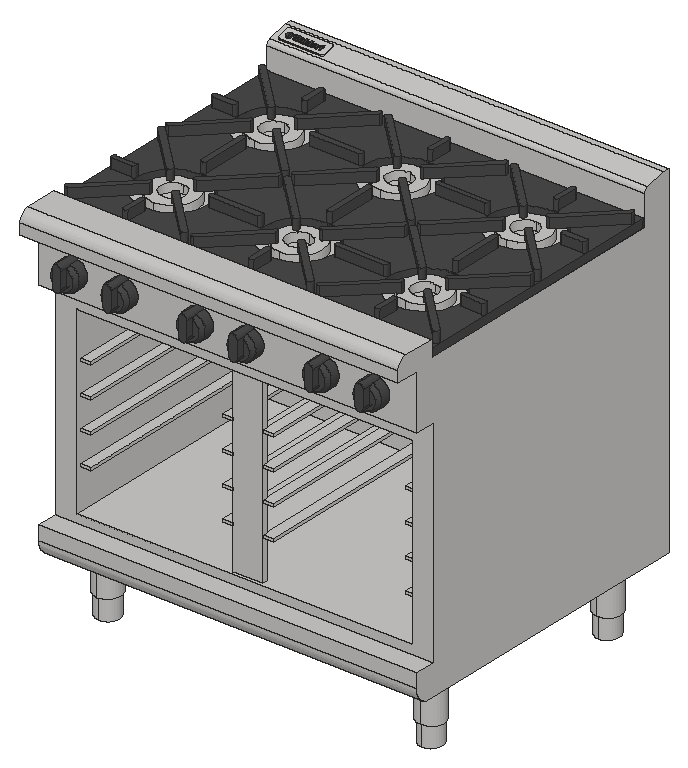
Revit family "QF_MOFFAT WALDORF_RNL8600G-CB", category Specialty Equipment, Revit 2012 (continued)
Automatic sketch dimensions
  Revolve 16 sketch curve to Revolve 16 sketch curve = 55.0 mm
  Revolve 16 sketch curve to Revolve 16 sketch curve = 0.0 mm
  Revolve 17 sketch curve to plane 9 "Base Height" = 0.0 mm
  Revolve 17 sketch curve to level = 0.0 mm
  level to Revolve 17 sketch curve = 50.0 mm
  Revolve 17 sketch curve to plane 5 "FRONT" = 148.25 mm
  Revolve 17 sketch curve to Revolve 17 sketch curve = 4.25 mm
  Revolve 17 sketch curve to Revolve 17 sketch curve = 27.5 mm  (x2)
  Revolve 17 sketch curve to Revolve 17 sketch curve = 55.0 mm
  Revolve 17 sketch curve to Revolve 17 sketch curve = 0.0 mm
  Revolve 18 sketch curve to plane 9 "Base Height" = 0.0 mm
  Revolve 18 sketch curve to level = 0.0 mm
  level to Revolve 18 sketch curve = 50.0 mm
  plane 1 "BACK" to Revolve 18 sketch curve = 131.75 mm
  Revolve 18 sketch curve to Revolve 18 sketch curve = 4.25 mm
  Revolve 18 sketch curve to Revolve 18 sketch curve = 27.5 mm  (x2)
  Revolve 18 sketch curve to Revolve 18 sketch curve = 0.0 mm
  Revolve 18 sketch curve to Revolve 18 sketch curve = 55.0 mm
  Revolve 19 sketch curve to plane 9 "Base Height" = 0.0 mm
  Revolve 19 sketch curve to level = 0.0 mm
  level to Revolve 19 sketch curve = 50.0 mm
  Revolve 19 sketch curve to plane 5 "FRONT" = 148.25 mm
  Revolve 19 sketch curve to Revolve 19 sketch curve = 4.25 mm
  Revolve 19 sketch curve to Revolve 19 sketch curve = 27.5 mm  (x2)
  Revolve 19 sketch curve to Revolve 19 sketch curve = 0.0 mm
  Revolve 19 sketch curve to Revolve 19 sketch curve = 55.0 mm
  curve 11 to curve 13 = 0.0 mm  (x2)
  curve 15 to curve 17 = 0.0 mm  (x2)
  curve 19 to curve 21 = 0.0 mm  (x2)
  curve 23 to curve 33 = 0.0 mm  (x2)
  curve 25 to curve 31 = 0.0 mm  (x2)
  curve 27 to curve 29 = 0.0 mm  (x2)
  curve 5 to plane 3 "LEFT" = 0.0 mm
  curve 18 to plane 7 "Center Y" = 0.0 mm
  curve 25 to plane 7 "Center Y" = 0.0 mm
  curve 43 to plane 4 "RIGHT" = 0.0 mm
  plane 5 "FRONT" to curve 4 = 0.0 mm
  plane 1 "BACK" to curve 2 = 0.0 mm
  plane 3 "LEFT" to curve 41 = 4.324 mm
  plane 3 "LEFT" to curve 51 = 4.324 mm
  plane 3 "LEFT" to curve 40 = 5.355 mm
  plane 3 "LEFT" to curve 50 = 5.355 mm
  plane 3 "LEFT" to curve 46 = 6.975 mm
  plane 3 "LEFT" to curve 35 = 6.975 mm
  plane 3 "LEFT" to curve 7 = 12.5 mm
  curve 41 to plane 12 = 2.119 mm
  curve 51 to plane 12 = 2.119 mm
  plane 12 to curve 35 = 55.112 mm
  plane 12 to curve 46 = 55.112 mm
  plane 12 to curve 10 = 56.5 mm
  plane 12 to curve 40 = 57.028 mm
  plane 12 to curve 50 = 57.028 mm
  curve 35 to curve 36 = 29.487 mm
  plane 12 to curve 52 = 84.917 mm
  curve 50 to curve 42 = 27.946 mm
  curve 42 to curve 12 = 0.026 mm
  curve 42 to curve 24 = 0.026 mm
  curve 11 to curve 39 = 27.699 mm
  curve 23 to curve 49 = 27.699 mm
  curve 14 to curve 37 = 29.616 mm
  curve 33 to curve 47 = 29.616 mm
  curve 49 to curve 48 = 59.913 mm
  curve 39 to curve 38 = 59.913 mm
  plane 8 "Center X" to curve 39 = 24.085 mm
  curve 38 to curve 39 = 53.224 mm
  plane 8 "Center X" to curve 49 = 5.915 mm
  curve 49 to curve 39 = 0.0 mm
  curve 52 to curve 47 = 142.835 mm
  curve 37 to curve 55 = 14.314 mm
  curve 47 to curve 61 = 14.314 mm
  plane 8 "Center X" to curve 56 = 24.085 mm
  curve 39 to curve 56 = 18.147 mm
  plane 8 "Center X" to curve 62 = 5.915 mm
  curve 49 to curve 62 = 18.147 mm
  curve 38 to plane 7 "Center Y" = 87.388 mm
  curve 48 to plane 7 "Center Y" = 87.388 mm
  curve 55 to plane 7 "Center Y" = 29.796 mm
  curve 61 to plane 7 "Center Y" = 29.796 mm
  curve 62 to plane 7 "Center Y" = 27.88 mm
  curve 56 to plane 7 "Center Y" = 27.88 mm
  curve 59 to plane 7 "Center Y" = 0.154 mm
  curve 65 to plane 7 "Center Y" = 0.098 mm
  plane 7 "Center Y" to curve 54 = 0.221 mm
  plane 7 "Center Y" to curve 63 = 27.791 mm
  plane 7 "Center Y" to curve 57 = 27.791 mm
  plane 7 "Center Y" to curve 53 = 29.708 mm
  plane 7 "Center Y" to curve 60 = 29.708 mm
  curve 53 to curve 58 = 62.23 mm
  curve 60 to curve 64 = 62.23 mm
  plane 7 "Center Y" to curve 60 = 142.845 mm
  plane 8 "Center X" to curve 57 = 20.549 mm
  plane 7 "Center Y" to curve 57 = 144.464 mm
  plane 8 "Center X" to curve 63 = 9.451 mm
  curve 63 to curve 57 = 0.0 mm
  curve 58 to curve 58 = 116.17 mm
  curve 64 to curve 64 = 116.17 mm
  curve 58 to curve 71 = 178.798 mm
  curve 64 to curve 77 = 178.798 mm
  plane 8 "Center X" to curve 76 = 9.451 mm
  curve 63 to curve 76 = 11.072 mm
  plane 8 "Center X" to curve 70 = 20.549 mm
  curve 57 to curve 70 = 11.072 mm
  curve 53 to curve 66 = 14.31 mm
  curve 60 to curve 73 = 14.31 mm
  curve 71 to curve 71 = 58.558 mm
  curve 77 to curve 77 = 58.558 mm
  curve 66 to curve 71 = 175.172 mm
  curve 73 to curve 77 = 175.172 mm
  curve 66 to curve 70 = 1.916 mm
  curve 73 to curve 76 = 1.916 mm
  curve 70 to curve 19 = 27.791 mm
  curve 73 to curve 30 = 29.708 mm
  curve 28 to curve 78 = 0.098 mm
  curve 20 to curve 72 = 0.154 mm
  curve 27 to curve 75 = 27.88 mm
  curve 19 to curve 69 = 27.88 mm
  curve 30 to curve 74 = 29.796 mm
  curve 21 to curve 68 = 29.796 mm
  plane 4 "RIGHT" to curve 69 = 8.983 mm
  plane 4 "RIGHT" to curve 75 = 8.983 mm
  plane 4 "RIGHT" to curve 68 = 7.067 mm
  plane 4 "RIGHT" to curve 74 = 7.067 mm
  curve 5 to plane 5 "FRONT" = 100.0 mm
  curve 52 to plane 5 "FRONT" = 121.703 mm
  curve 78 to plane 5 "FRONT" = 121.703 mm
  curve 65 to plane 5 "FRONT" = 121.703 mm
  curve 44 to curve 61 = 24.023 mm
  curve 47 to curve 61 = 0.0 mm
  curve 5 to curve 74 = 24.023 mm
  curve 45 to curve 60 = 25.084 mm
  curve 60 to curve 73 = 0.0 mm
  curve 5 to curve 46 = 25.084 mm
  curve 78 to curve 78 = 58.757 mm
  curve 52 to curve 52 = 58.757 mm
  curve 65 to curve 65 = 58.757 mm
  curve 52 to curve 23 = 2.958 mm
  curve 65 to curve 25 = 2.958 mm
  curve 78 to curve 27 = 2.958 mm
  curve 23 to curve 33 = 27.082 mm
  curve 27 to curve 30 = 27.082 mm
  curve 25 to curve 31 = 27.082 mm
  curve 33 to curve 47 = 26.66 mm
  curve 32 to curve 61 = 26.66 mm
  curve 30 to curve 74 = 26.66 mm
  curve 31 to curve 60 = 27.721 mm
  curve 29 to curve 73 = 27.721 mm
  curve 34 to curve 46 = 27.721 mm
  curve 60 to curve 64 = 28.957 mm
  curve 46 to curve 51 = 28.957 mm
  curve 64 to curve 77 = 0.0 mm
  curve 60 to curve 25 = 29.279 mm
  curve 73 to curve 30 = 29.279 mm
  curve 46 to curve 23 = 29.279 mm
  curve 47 to curve 48 = 31.077 mm
  curve 27 to curve 75 = 27.778 mm
  curve 23 to curve 49 = 27.778 mm
  curve 25 to curve 63 = 27.778 mm
  curve 23 to curve 50 = 27.778 mm
  curve 27 to curve 76 = 27.778 mm
  curve 25 to curve 62 = 27.778 mm
  curve 24 to curve 42 = 4.009 mm
  curve 25 to curve 59 = 4.009 mm
  curve 28 to curve 72 = 4.009 mm
  plane 8 "Center X" to curve 75 = 5.915 mm
  plane 8 "Center X" to curve 50 = 9.451 mm
  curve 75 to curve 43 = 9.085 mm
  curve 43 to curve 40 = 5.549 mm
  curve 43 to curve 69 = 9.085 mm
  plane 8 "Center X" to curve 42 = 78.091 mm
  plane 8 "Center X" to curve 59 = 78.091 mm
  plane 8 "Center X" to curve 72 = 78.091 mm
  curve 42 to curve 11 = 2.826 mm
  curve 72 to curve 19 = 2.826 mm
  curve 59 to curve 15 = 2.826 mm
  curve 19 to curve 21 = 27.082 mm
  curve 11 to curve 13 = 27.082 mm
  curve 15 to curve 17 = 27.082 mm
  curve 17 to curve 56 = 29.222 mm
  curve 13 to curve 39 = 29.222 mm
  curve 22 to curve 69 = 29.222 mm
  curve 18 to curve 57 = 29.222 mm
  curve 21 to curve 70 = 29.222 mm
  curve 14 to curve 40 = 29.222 mm
  curve 39 to curve 38 = 27.04 mm
  curve 57 to curve 17 = 27.778 mm
  curve 70 to curve 20 = 27.778 mm
  curve 39 to curve 12 = 27.778 mm
  curve 57 to curve 58 = 28.101 mm
  curve 40 to curve 41 = 28.101 mm
  curve 58 to curve 71 = 0.0 mm
  curve 66 to curve 21 = 27.721 mm
  curve 35 to curve 13 = 27.721 mm
  curve 53 to curve 17 = 27.721 mm
  curve 68 to curve 21 = 26.66 mm
  curve 55 to curve 18 = 26.66 mm
  curve 37 to curve 14 = 26.66 mm
  curve 12 to curve 36 = 2.576 mm
  curve 16 to curve 54 = 2.576 mm
  curve 19 to curve 67 = 2.576 mm
  plane 1 "BACK" to curve 53 = 95.084 mm
  plane 1 "BACK" to curve 35 = 95.084 mm
  curve 53 to curve 66 = 0.0 mm
  plane 1 "BACK" to curve 68 = 94.023 mm
  plane 1 "BACK" to curve 55 = 94.023 mm
  curve 37 to curve 55 = 0.0 mm
  curve 67 to curve 67 = 60.0 mm
  curve 54 to curve 54 = 60.0 mm
  curve 36 to curve 36 = 60.0 mm
  curve 35 to curve 6 = 25.084 mm
  curve 6 to curve 7 = 14.826 mm
  plane 1 "BACK" to curve 7 = 21.784 mm
  Revolve 1 sketch curve to plane 5 "FRONT" = 56.0 mm
  Revolve 1 sketch curve to Revolve 1 sketch curve = 10.0 mm
  Revolve 1 sketch curve to Revolve 1 sketch curve = 21.3 mm
  Revolve 1 sketch curve to plane 5 "FRONT" = 23.0 mm
  Revolve 1 sketch curve to plane 5 "FRONT" = 12.0 mm
  Revolve 1 sketch curve to Revolve 1 sketch curve = 0.0 mm  (x2)
  plane 10 to Revolve 1 sketch curve = 117.895 mm
  Revolve 1 sketch curve to Revolve 1 sketch curve = 5.0 mm
  Revolve 1 sketch curve to Revolve 1 sketch curve = 26.651 mm
  Revolve 1 sketch curve to Revolve 1 sketch curve = 5.849 mm
  plane 12 to Extrusion 2 sketch curve = 135.0 mm
  Extrusion 2 sketch curve to Extrusion 2 sketch curve = 10.0 mm
  plane 10 to Extrusion 2 sketch curve = 129.997 mm
  Extrusion 2 sketch curve to Extrusion 2 sketch curve = 38.997 mm
  Revolve 4 sketch curve to plane 5 "FRONT" = 12.0 mm
  Revolve 4 sketch curve to Revolve 4 sketch curve = 0.0 mm  (x2)
  Revolve 4 sketch curve to Revolve 4 sketch curve = 11.0 mm
  Revolve 4 sketch curve to Revolve 4 sketch curve = 12.7 mm
  Revolve 4 sketch curve to Revolve 4 sketch curve = 23.0 mm
  Revolve 4 sketch curve to Revolve 4 sketch curve = 10.0 mm
  plane 10 to Revolve 4 sketch curve = 85.627 mm
  Revolve 4 sketch curve to Revolve 4 sketch curve = 5.849 mm
  Revolve 4 sketch curve to Revolve 4 sketch curve = 27.5 mm
  Revolve 4 sketch curve to Revolve 4 sketch curve = 5.0 mm
  plane 12 to Extrusion 5 sketch curve = 35.0 mm
  Extrusion 5 sketch curve to Extrusion 5 sketch curve = 10.0 mm
  plane 10 to Extrusion 5 sketch curve = 91.0 mm
  Extrusion 5 sketch curve to Extrusion 5 sketch curve = 39.0 mm
  Extrusion 6 sketch curve to Extrusion 6 sketch curve = 3.0 mm  (x3)
  Extrusion 6 sketch curve to Extrusion 6 sketch curve = 300.0 mm
  Extrusion 7 sketch curve to Extrusion 6 = 22.602 mm  (x6)
  Extrusion 7 sketch curve to Extrusion 6 = 25.398 mm  (x6)
  Extrusion 7 sketch curve to Extrusion 7 sketch curve = 4.525 mm  (x48)
  Extrusion 7 sketch curve to Extrusion 7 sketch curve = 49.204 mm  (x5)
  Extrusion 7 sketch curve to Extrusion 7 sketch curve = 55.923 mm  (x22)
  Extrusion 7 sketch curve to Extrusion 7 sketch curve = 0.0 mm  (x18)
  Extrusion 7 sketch curve to Extrusion 7 sketch curve = 20.524 mm  (x17)
  Extrusion 7 sketch curve to Extrusion 6 = 7.898 mm  (x4)
  Extrusion 7 sketch curve to Extrusion 7 sketch curve = 6.4 mm  (x17)
  Extrusion 7 sketch curve to Extrusion 7 sketch curve = 53.847 mm  (x24)
  Extrusion 7 sketch curve to Extrusion 6 = 5.102 mm  (x5)
  Extrusion 7 sketch curve to Extrusion 7 sketch curve = 128.447 mm  (x10)
  Extrusion 7 sketch curve to Extrusion 7 sketch curve = 12.205 mm  (x14)
  Extrusion 7 sketch curve to Extrusion 6 = 14.153 mm  (x3)
  Extrusion 7 sketch curve to Extrusion 7 sketch curve = 116.204 mm  (x7)
  Extrusion 7 sketch curve to Extrusion 6 = 31.653 mm  (x4)
  Extrusion 7 sketch curve to Extrusion 6 = 57.102 mm  (x2)
  Revolve 8 sketch curve to plane 5 "FRONT" = 56.0 mm
  Revolve 8 sketch curve to Revolve 8 sketch curve = 10.0 mm
  Revolve 8 sketch curve to Revolve 8 sketch curve = 21.3 mm
  Revolve 8 sketch curve to plane 5 "FRONT" = 23.0 mm
  Revolve 8 sketch curve to plane 5 "FRONT" = 12.0 mm
  Revolve 8 sketch curve to Revolve 8 sketch curve = 0.0 mm  (x2)
  plane 10 to Revolve 8 sketch curve = 117.895 mm
  Revolve 8 sketch curve to Revolve 8 sketch curve = 5.0 mm
  Revolve 8 sketch curve to Revolve 8 sketch curve = 26.651 mm
  Revolve 8 sketch curve to Revolve 8 sketch curve = 5.849 mm
  plane 7 "Center Y" to Extrusion 9 sketch curve = 50.0 mm
  Extrusion 9 sketch curve to Extrusion 9 sketch curve = 10.0 mm
  plane 10 to Extrusion 9 sketch curve = 129.997 mm
  Extrusion 9 sketch curve to Extrusion 9 sketch curve = 38.997 mm
  Revolve 10 sketch curve to plane 5 "FRONT" = 12.0 mm
  Revolve 10 sketch curve to Revolve 10 sketch curve = 0.0 mm  (x2)
  Revolve 10 sketch curve to Revolve 10 sketch curve = 11.0 mm
  Revolve 10 sketch curve to Revolve 10 sketch curve = 12.7 mm
  Revolve 10 sketch curve to Revolve 10 sketch curve = 23.0 mm
  Revolve 10 sketch curve to Revolve 10 sketch curve = 10.0 mm
  plane 10 to Revolve 10 sketch curve = 85.627 mm
  Revolve 10 sketch curve to Revolve 10 sketch curve = 5.849 mm
  Revolve 10 sketch curve to Revolve 10 sketch curve = 27.5 mm
  Revolve 10 sketch curve to Revolve 10 sketch curve = 5.0 mm
  Extrusion 11 sketch curve to plane 7 "Center Y" = 50.0 mm
  Extrusion 11 sketch curve to Extrusion 11 sketch curve = 10.0 mm
  plane 10 to Extrusion 11 sketch curve = 91.0 mm
  Extrusion 11 sketch curve to Extrusion 11 sketch curve = 39.0 mm
  Revolve 12 sketch curve to Revolve 12 sketch curve = 23.0 mm
  Revolve 12 sketch curve to Revolve 12 sketch curve = 12.7 mm
  Revolve 12 sketch curve to Revolve 12 sketch curve = 0.0 mm  (x2)
  plane 10 to Revolve 12 sketch curve = 117.895 mm
  Revolve 12 sketch curve to Revolve 12 sketch curve = 5.0 mm
  Revolve 12 sketch curve to Revolve 12 sketch curve = 26.651 mm
  Revolve 12 sketch curve to Revolve 12 sketch curve = 5.849 mm
  plane 13 to Extrusion 13 sketch curve = 35.0 mm
  Extrusion 13 sketch curve to Extrusion 13 sketch curve = 10.0 mm
  plane 10 to Extrusion 13 sketch curve = 129.997 mm
  Extrusion 13 sketch curve to Extrusion 13 sketch curve = 38.997 mm
  Revolve 14 sketch curve to plane 5 "FRONT" = 12.0 mm
  Revolve 14 sketch curve to Revolve 14 sketch curve = 0.0 mm  (x2)
  Revolve 14 sketch curve to Revolve 14 sketch curve = 11.0 mm
  Revolve 14 sketch curve to Revolve 14 sketch curve = 12.7 mm
  Revolve 14 sketch curve to Revolve 14 sketch curve = 23.0 mm
  Revolve 14 sketch curve to Revolve 14 sketch curve = 10.0 mm
  plane 10 to Revolve 14 sketch curve = 85.627 mm
  Revolve 14 sketch curve to Revolve 14 sketch curve = 5.849 mm
  Revolve 14 sketch curve to Revolve 14 sketch curve = 27.5 mm
  Revolve 14 sketch curve to Revolve 14 sketch curve = 5.0 mm
  plane 13 to Extrusion 15 sketch curve = 135.0 mm
  Extrusion 15 sketch curve to Extrusion 15 sketch curve = 10.0 mm
  plane 10 to Extrusion 15 sketch curve = 91.0 mm
  Extrusion 15 sketch curve to Extrusion 15 sketch curve = 39.0 mm
  Extrusion 20 sketch curve to plane 3 "LEFT" = 0.0 mm
  plane 4 "RIGHT" to Extrusion 20 sketch curve = 0.0 mm
  plane 10 to Extrusion 20 sketch curve = 180.0 mm
  plane 3 "LEFT" to Extrusion 20 sketch curve = 50.0 mm
  plane 9 "Base Height" to Extrusion 20 sketch curve = 92.5 mm
  Extrusion 20 sketch curve to Extrusion 20 sketch curve = 55.0 mm
  plane 9 "Base Height" to Extrusion 20 sketch curve = 72.5 mm
  Extrusion 20 sketch curve to plane 13 = 15.0 mm
  Extrusion 21 sketch curve to Extrusion 21 sketch curve = 71.0 mm
  Extrusion 22 sketch curve to Extrusion 22 sketch curve = 0.0 mm  (x9)
  Extrusion 22 sketch curve to Extrusion 22 sketch curve = 6.35 mm  (x16)
  Extrusion 22 sketch curve to Extrusion 22 sketch curve = 68.65 mm  (x12)
  Extrusion 22 sketch curve to Extrusion 22 sketch curve = 25.0 mm  (x16)
  Extrusion 22 sketch curve to Extrusion 22 sketch curve = 314.5 mm
  Extrusion 22 sketch curve to Extrusion 22 sketch curve = 71.0 mm  (x4)
  Extrusion 6 sketch curve to plane 7 "Center Y" = 0.0 mm  (x2)
  plane 4 "RIGHT" to Extrusion 6 sketch curve = 4.0 mm
  plane 1 "BACK" to Extrusion 6 sketch curve = 71.0 mm
  plane 8 "Center X" to Extrusion 6 sketch curve = 165.0 mm  (x3)
  Extrusion 6 sketch curve to plane 8 "Center X" = 135.0 mm  (x3)
  Extrusion 6 sketch curve to plane 5 "FRONT" = 104.0 mm  (x2)
  Extrusion 6 sketch curve to plane 11 = 84.2 mm
  plane 13 to Extrusion 6 sketch curve = 85.0 mm  (x2)
  Revolve 12 sketch curve to Revolve 12 sketch curve = 10.0 mm
  Extrusion 21 sketch curve to plane 7 "Center Y" = 35.5 mm
  plane 10 to Extrusion 21 sketch curve = 235.0 mm
  plane 9 "Base Height" to Extrusion 21 sketch curve = 92.5 mm
  Extrusion 22 sketch curve to plane 13 = 15.0 mm
  plane 10 to Extrusion 22 sketch curve = 344.9 mm
  plane 7 "Center Y" to Extrusion 22 sketch curve = 35.5 mm
  plane 12 to Extrusion 22 sketch curve = 10.0 mm
  Extrusion 22 sketch curve to plane 12 = 15.0 mm  (x2)
  Extrusion 23 sketch curve to plane 5 "FRONT" = 0.0 mm
  plane 10 to Extrusion 23 sketch curve = 0.0 mm
  Extrusion 23 sketch curve to plane 9 "Base Height" = 0.0 mm
  Extrusion 23 sketch curve to plane 6 "TOP" = 0.0 mm
  Extrusion 23 sketch curve to plane 1 "BACK" = 0.0 mm
  Extrusion 23 sketch curve to plane 5 "FRONT" = 24.0 mm
  Extrusion 23 sketch curve to plane 5 "FRONT" = 56.0 mm  (x2)
  plane 9 "Base Height" to Extrusion 23 sketch curve = 38.0 mm
  Extrusion 23 sketch curve to Extrusion 23 sketch curve = 44.0 mm
  plane 1 "BACK" to Extrusion 23 sketch curve = 135.698 mm
  plane 1 "BACK" to Extrusion 23 sketch curve = 70.0 mm
  Extrusion 23 sketch curve to plane 6 "TOP" = 12.354 mm
  Extrusion 23 sketch curve to Extrusion 23 sketch curve = 8.894 mm
  Extrusion 23 sketch curve to Extrusion 23 sketch curve = 12.0 mm
  Extrusion 23 sketch curve to Extrusion 23 sketch curve = 15.0 mm
  plane 9 "Base Height" to Extrusion 23 sketch curve = 72.5 mm
  Extrusion 23 sketch curve to Extrusion 23 sketch curve = 156.0 mm
  Extrusion 23 sketch curve to Extrusion 23 sketch curve = 25.0 mm
  plane 10 to Extrusion 23 sketch curve = 40.0 mm
  plane 13 to Extrusion 24 sketch curve = 10.503 mm
  Extrusion 24 sketch curve to Extrusion 24 sketch curve = 81.0 mm
  Extrusion 24 sketch curve to Extrusion 24 sketch curve = 48.5 mm  (x2)
  Extrusion 24 sketch curve to plane 1 "BACK" = 30.24 mm
  plane 1 "BACK" to Extrusion 24 sketch curve = 38.76 mm
  curve 36 to curve 37 = 143.154 mm
  curve 47 to curve 44 = 7.157 mm
  curve 54 to curve 53 = 142.624 mm
  curve 60 to curve 45 = 7.155 mm
  curve 67 to curve 19 = 0.221 mm
  cut or joined group of Extrusion 20, Extrusion 23, Extrusion 24 to Split face 1 sketch curve = 5.007 mm
  Split face 1 sketch curve to cut or joined group of Extrusion 20, Extrusion 23, Extrusion 24 = 166.988 mm
  Split face 1 sketch curve to cut or joined group of Extrusion 20, Extrusion 23, Extrusion 24 = 9.323 mm
  Split face 1 sketch curve to Split face 1 sketch curve = 20.0 mm
  Split face 2 sketch curve to cut or joined group of Extrusion 20, Extrusion 23, Extrusion 24 = 9.323 mm
  Split face 2 sketch curve to cut or joined group of Extrusion 20, Extrusion 23, Extrusion 24 = 201.988 mm
  cut or joined group of Extrusion 20, Extrusion 23, Extrusion 24 to Split face 2 sketch curve = 5.007 mm
  Split face 2 sketch curve to Split face 2 sketch curve = 20.0 mm
  Split face 3 sketch curve to cut or joined group of Extrusion 20, Extrusion 23, Extrusion 24 = 9.323 mm
  Split face 3 sketch curve to cut or joined group of Extrusion 20, Extrusion 23, Extrusion 24 = 239.488 mm
  cut or joined group of Extrusion 20, Extrusion 23, Extrusion 24 to Split face 3 sketch curve = 5.007 mm
  Split face 3 sketch curve to Split face 3 sketch curve = 20.0 mm
  Split face 4 sketch curve to cut or joined group of Extrusion 20, Extrusion 23, Extrusion 24 = 9.323 mm
  Split face 4 sketch curve to cut or joined group of Extrusion 20, Extrusion 23, Extrusion 24 = 274.319 mm
  cut or joined group of Extrusion 20, Extrusion 23, Extrusion 24 to Split face 4 sketch curve = 5.007 mm
  Split face 4 sketch curve to Split face 4 sketch curve = 20.0 mm
  Split face 5 sketch curve to cut or joined group of Extrusion 20, Extrusion 23, Extrusion 24 = 9.323 mm
  Split face 5 sketch curve to cut or joined group of Extrusion 20, Extrusion 23, Extrusion 24 = 309.319 mm
  cut or joined group of Extrusion 20, Extrusion 23, Extrusion 24 to Split face 5 sketch curve = 5.007 mm
  Split face 5 sketch curve to Split face 5 sketch curve = 20.0 mm
  Split face 6 sketch curve to cut or joined group of Extrusion 20, Extrusion 23, Extrusion 24 = 9.323 mm
  Split face 6 sketch curve to cut or joined group of Extrusion 20, Extrusion 23, Extrusion 24 = 344.319 mm
  cut or joined group of Extrusion 20, Extrusion 23, Extrusion 24 to Split face 6 sketch curve = 5.007 mm
  Split face 6 sketch curve to Split face 6 sketch curve = 20.0 mm
  Split face 7 sketch curve to cut or joined group of Extrusion 20, Extrusion 23, Extrusion 24 = 9.323 mm
  Split face 7 sketch curve to cut or joined group of Extrusion 20, Extrusion 23, Extrusion 24 = 376.303 mm
  cut or joined group of Extrusion 20, Extrusion 23, Extrusion 24 to Split face 7 sketch curve = 5.007 mm
  Split face 7 sketch curve to Split face 7 sketch curve = 20.0 mm
  Split face 8 sketch curve to cut or joined group of Extrusion 20, Extrusion 23, Extrusion 24 = 9.323 mm
  Split face 8 sketch curve to cut or joined group of Extrusion 20, Extrusion 23, Extrusion 24 = 491.197 mm
  cut or joined group of Extrusion 20, Extrusion 23, Extrusion 24 to Split face 8 sketch curve = 5.007 mm
  Split face 8 sketch curve to Split face 8 sketch curve = 20.0 mm
  Split face 9 sketch curve to cut or joined group of Extrusion 20, Extrusion 23, Extrusion 24 = 9.323 mm
  Split face 9 sketch curve to cut or joined group of Extrusion 20, Extrusion 23, Extrusion 24 = 458.697 mm
  cut or joined group of Extrusion 20, Extrusion 23, Extrusion 24 to Split face 9 sketch curve = 5.007 mm
  Split face 9 sketch curve to Split face 9 sketch curve = 20.0 mm
  Split face 10 sketch curve to cut or joined group of Extrusion 20, Extrusion 23, Extrusion 24 = 9.323 mm
  Split face 10 sketch curve to cut or joined group of Extrusion 20, Extrusion 23, Extrusion 24 = 423.697 mm
  cut or joined group of Extrusion 20, Extrusion 23, Extrusion 24 to Split face 10 sketch curve = 5.007 mm
  Split face 10 sketch curve to Split face 10 sketch curve = 20.0 mm
  Split face 11 sketch curve to cut or joined group of Extrusion 20, Extrusion 23, Extrusion 24 = 9.323 mm
  Split face 11 sketch curve to cut or joined group of Extrusion 20, Extrusion 23, Extrusion 24 = 391.197 mm
  cut or joined group of Extrusion 20, Extrusion 23, Extrusion 24 to Split face 11 sketch curve = 5.007 mm
  Split face 11 sketch curve to Split face 11 sketch curve = 20.0 mm
  Split face 12 sketch curve to cut or joined group of Extrusion 20, Extrusion 23, Extrusion 24 = 9.323 mm
  Split face 12 sketch curve to cut or joined group of Extrusion 20, Extrusion 23, Extrusion 24 = 356.197 mm
  cut or joined group of Extrusion 20, Extrusion 23, Extrusion 24 to Split face 12 sketch curve = 5.007 mm
  Split face 12 sketch curve to Split face 12 sketch curve = 20.0 mm
  plane 1 "BACK" to curve 79 = 50.635 mm
  plane 12 to curve 79 = 101.988 mm
  curve 79 to curve 81 = 20.0 mm
  plane 1 "BACK" to curve 79 = 20.837 mm
  curve 86 to curve 79 = 15.0 mm
  curve 84 to curve 83 = 20.0 mm
  plane 1 "BACK" to curve 84 = 20.837 mm
  curve 83 to curve 83 = 29.799 mm
  curve 90 to curve 84 = 17.5 mm
  curve 88 to curve 87 = 20.0 mm
  plane 1 "BACK" to curve 90 = 20.837 mm
  curve 85 to curve 87 = 0.0 mm
  curve 91 to curve 89 = 14.831 mm
  curve 92 to curve 91 = 20.0 mm
  plane 1 "BACK" to curve 94 = 20.837 mm
  curve 88 to curve 91 = 0.0 mm
  curve 95 to curve 93 = 15.0 mm
  curve 96 to curve 95 = 20.0 mm
  plane 1 "BACK" to curve 98 = 20.837 mm
  curve 92 to curve 95 = 0.0 mm
  curve 102 to curve 97 = 15.0 mm
  curve 100 to curve 99 = 20.0 mm
  plane 1 "BACK" to curve 102 = 20.837 mm
  curve 99 to curve 99 = 29.799 mm
  curve 106 to plane 7 "Center Y" = 93.697 mm
  curve 104 to plane 7 "Center Y" = 73.697 mm
  plane 1 "BACK" to curve 104 = 20.837 mm
  curve 103 to curve 103 = 29.799 mm
  curve 107 to curve 105 = 12.5 mm
  curve 108 to curve 107 = 20.0 mm
  plane 1 "BACK" to curve 109 = 20.837 mm
  curve 107 to curve 107 = 29.799 mm
  curve 114 to curve 108 = 12.5 mm
  curve 112 to curve 111 = 20.0 mm
  plane 1 "BACK" to curve 114 = 20.837 mm
  curve 111 to curve 111 = 29.799 mm
  curve 115 to curve 112 = 15.0 mm
  curve 116 to curve 115 = 20.0 mm
  plane 1 "BACK" to curve 117 = 20.837 mm
  curve 115 to curve 115 = 29.799 mm
  curve 119 to curve 117 = 12.5 mm
  curve 120 to curve 119 = 20.0 mm
  plane 1 "BACK" to curve 120 = 20.837 mm
  curve 119 to curve 119 = 29.799 mm
  curve 126 to curve 120 = 15.0 mm
  curve 124 to curve 123 = 20.0 mm
  plane 1 "BACK" to curve 126 = 20.837 mm
  curve 126 to curve 123 = 29.799 mm
  cut or joined group of Extrusion 20, Extrusion 23, Extrusion 24 to Split face 13 sketch curve = 5.007 mm
  Split face 13 sketch curve to cut or joined group of Extrusion 20, Extrusion 23, Extrusion 24 = 321.197 mm
  Split face 13 sketch curve to cut or joined group of Extrusion 20, Extrusion 23, Extrusion 24 = 9.323 mm
  Split face 13 sketch curve to Split face 13 sketch curve = 20.0 mm
  cut or joined group of Extrusion 20, Extrusion 23, Extrusion 24 to Split face 14 sketch curve = 5.007 mm
  Split face 14 sketch curve to cut or joined group of Extrusion 20, Extrusion 23, Extrusion 24 = 286.197 mm
  Split face 14 sketch curve to cut or joined group of Extrusion 20, Extrusion 23, Extrusion 24 = 9.323 mm
  Split face 14 sketch curve to Split face 14 sketch curve = 20.0 mm
  cut or joined group of Extrusion 20, Extrusion 23, Extrusion 24 to Split face 15 sketch curve = 5.007 mm
  Split face 15 sketch curve to cut or joined group of Extrusion 20, Extrusion 23, Extrusion 24 = 251.197 mm
  Split face 15 sketch curve to cut or joined group of Extrusion 20, Extrusion 23, Extrusion 24 = 9.323 mm
  Split face 15 sketch curve to Split face 15 sketch curve = 20.0 mm
  cut or joined group of Extrusion 20, Extrusion 23, Extrusion 24 to Split face 16 sketch curve = 5.007 mm
  Split face 16 sketch curve to cut or joined group of Extrusion 20, Extrusion 23, Extrusion 24 = 216.197 mm
  Split face 16 sketch curve to cut or joined group of Extrusion 20, Extrusion 23, Extrusion 24 = 9.323 mm
  Split face 16 sketch curve to Split face 16 sketch curve = 20.0 mm
  cut or joined group of Extrusion 20, Extrusion 23, Extrusion 24 to Split face 17 sketch curve = 5.007 mm
  Split face 17 sketch curve to cut or joined group of Extrusion 20, Extrusion 23, Extrusion 24 = 181.197 mm
  Split face 17 sketch curve to cut or joined group of Extrusion 20, Extrusion 23, Extrusion 24 = 9.323 mm
  Split face 17 sketch curve to Split face 17 sketch curve = 20.0 mm
  plane 1 "BACK" to curve 130 = 19.837 mm
  curve 130 to curve 45 = 41.197 mm
  curve 128 to curve 128 = 20.0 mm
  curve 129 to curve 129 = 32.264 mm
  curve 127 to curve 131 = 15.0 mm
  curve 131 to curve 134 = 20.0 mm
  curve 127 to curve 134 = 0.0 mm
  plane 1 "BACK" to curve 133 = 19.837 mm
  curve 132 to curve 138 = 15.0 mm
  curve 135 to curve 138 = 20.0 mm
  curve 133 to curve 136 = 0.0 mm
  curve 132 to curve 138 = 0.0 mm
  curve 137 to curve 139 = 15.0 mm
  curve 139 to curve 141 = 20.0 mm
  curve 136 to curve 142 = 0.0 mm
  plane 1 "BACK" to curve 141 = 19.837 mm
  curve 141 to curve 144 = 15.0 mm
  curve 144 to curve 146 = 20.0 mm
  curve 141 to curve 143 = 0.0 mm
  plane 1 "BACK" to curve 146 = 19.837 mm
  Extrusion 25 sketch curve to Extrusion 25 sketch curve = 0.0 mm  (x73)
  Extrusion 23 to Extrusion 25 sketch curve = 110.5 mm  (x3)
  Extrusion 25 sketch curve to Extrusion 25 sketch curve = 27.0 mm  (x6)
  Extrusion 25 sketch curve to Extrusion 25 sketch curve = 30.0 mm  (x6)
  Extrusion 25 sketch curve to Extrusion 25 sketch curve = 186.0 mm  (x3)
  Extrusion 23 to Extrusion 25 sketch curve = 150.0 mm  (x4)
  Extrusion 25 sketch curve to Extrusion 25 sketch curve = 300.0 mm
  curve 11 to curve 147 = 0.0 mm  (x2)
  curve 13 to curve 147 = 27.0 mm
  curve 15 to curve 149 = 0.0 mm  (x2)
  curve 17 to curve 150 = 27.0 mm
  curve 19 to curve 151 = 0.0 mm  (x2)
  curve 21 to curve 152 = 27.0 mm
  curve 27 to curve 153 = 0.0 mm  (x2)
  curve 29 to curve 153 = 27.0 mm
  curve 25 to curve 155 = 0.0 mm  (x2)
  curve 32 to curve 155 = 27.0 mm
  curve 23 to curve 157 = 0.0 mm  (x2)
  curve 33 to curve 157 = 27.0 mm
  radius of Extrusion 3 sketch curve = 13.5 mm
  radius of Extrusion 6 sketch curve = 84.082 mm  (x6)
Nested families
  nested 1: "RNL8600G-CB-CASTERS" at (65, -100, 0), Show Casters <- "Show Casters", visible <- "Show Casters", type "RNL8600G-CB-CASTERS"
    with Type Mark "", Status "", Specification by User "", Show Casters no, Revision Code "", Item Number "", Installed By "", Identify Quantity as Lot yes, Furnished By "", Foodservice Equipment Identifier yes
  nested 2: "RNL8600G-CB-CASTERS" at (835, -100, 0), Show Casters <- "Show Casters", visible <- "Show Casters", type "RNL8600G-CB-CASTERS"
    with Type Mark "", Status "", Specification by User "", Show Casters no, Revision Code "", Item Number "", Installed By "", Identify Quantity as Lot yes, Furnished By "", Foodservice Equipment Identifier yes
  nested 3: "WALDORF LOGO_FACE BASE" at (12.5, -22.677, 967.943) x (1, 0, 0) z (0, -0.2588, 0.9659), visible <- "Show Logo", type "WALDORF LOGO_FACE BASE", detail levels medium+fine
    with Show Logo yes
Connectors
  piping at (770, -32, 655)
    settings: on Extrusion 3, index 3, connector radius 0.37402", flow factor 0, pipe flow 0 GPM, pressure drop 0.00 psi, fitting loss kfactor 0, connector angle 0.00°, fixture units 0, engagement length 0.0 mm, flow configuration 1, flow direction 1, fitting loss method 0, system type 7, joint type 0, gender type 0, connector reference index -1, connector utility 0, adjustable connector no, is connector primary yes, fitting loss table "", connector description "GAS CONNECTION"
Definition of nested family "WALDORF LOGO_FACE BASE"
  Parameters (values of type "WALDORF LOGO_FACE BASE")
    Show Logo [instance] = yes
    Default Elevation = 1219.2 mm
  Reference planes
    plane 1 "Center (Front/Back)": y = 0
    plane 2: z = 0
    plane 3 "Center (Left/Right)": x = 0
  Forms (mm)
    Extrusion 1, solid
      sketch origin (0, 0, 0) x (1, 0, 0) y (0, 1, 0)
        loop
          line (-1219.2, 1219.2) -> (-1219.2, -1219.2) -> (1219.2, -1219.2) -> (1219.2, 1219.2) -> (-1219.2, 1219.2)
      from 0 to -304.8
    Extrusion 2, solid, material "QF_Finishes_Stainless Steel", visible <- "Show Logo"
      sketch origin (0, -33.217, 0) x (1, 0, 0) y (0, 1, 0)
        loop
          arc (5, 34.14) -> (1.464, 32.676) -> (0, 29.14) r 5
          line (0, 29.14) -> (0, 5)
          arc (0, 5) -> (1.464, 1.464) -> (5, 0) r 5
          line (5, 0) -> (104, 0)
          arc (104, 0) -> (107.536, 1.464) -> (109, 5) r 5
          line (109, 5) -> (109, 29.14)
          arc (109, 29.14) -> (107.536, 32.676) -> (104, 34.14) r 5
          line (104, 34.14) -> (5, 34.14)
      from 0 to 1.588
    Extrusion 3, solid, material "QF_Finishes_Black", visible <- "Show Logo"
      sketch origin (0, -33.217, 1.588) x (1, 0, 0) y (0, 1, 0)
        loop
          line (24.772, 23.214) -> (27.992, 10.301) -> (31.551, 10.301) -> (33.443, 17.364) -> (35.205, 10.301) -> (39.332, 10.301) -> (42.077, 23.214) -> (38.352, 23.214) -> (36.676, 15.33) -> (35, 23.214) -> (31.752, 23.214) -> (30.076, 15.33) -> (28.4, 23.214) -> (24.772, 23.214)
        loop
          line (42.272, 17.055) -> (45.703, 17.055)
          spline (45.703, 17.055) -> (45.741, 17.285) -> (45.852, 17.499) -> (46.028, 17.682) -> (46.258, 17.823) -> (46.526, 17.912) -> (46.813, 17.942) -> (47.1, 17.912) -> (47.368, 17.823) -> (47.597, 17.682) -> (47.774, 17.499) -> (47.884, 17.285) -> (47.922, 17.055)
          line (47.922, 17.055) -> (47.922, 16.222)
          arc (47.922, 16.222) -> (45.742, 16.014) -> (43.665, 15.317) r 9.604
          arc (43.665, 15.317) -> (41.924, 12.809) -> (43.665, 10.301) r 2.677
          arc (43.665, 10.301) -> (45.527, 10.353) -> (47.332, 10.816) r 8.365
          line (47.332, 10.816) -> (48.092, 11.105) -> (48.092, 10.301) -> (51.817, 10.301) -> (51.817, 17.055)
          spline (51.817, 17.055) -> (51.654, 17.821) -> (51.178, 18.535) -> (50.419, 19.148) -> (49.431, 19.619) -> (48.28, 19.914) -> (47.044, 20.015) -> (45.809, 19.914) -> (44.658, 19.619) -> (43.67, 19.148) -> (42.911, 18.535) -> (42.434, 17.821) -> (42.272, 17.055)
        loop
          line (53.151, 23.214) -> (53.151, 10.301) -> (57.37, 10.301) -> (57.37, 23.214) -> (53.151, 23.214)
        loop
          line (64.874, 23.214) -> (64.874, 18.857)
          arc (64.874, 18.857) -> (58.083, 15.11) -> (64.874, 11.363) r 4.429
          line (64.874, 11.363) -> (64.874, 10.301) -> (68.378, 10.301) -> (68.378, 23.214) -> (64.874, 23.214)
        loop
          arc (64.874, 16.083) -> (61.41, 14.987) -> (64.874, 13.891) r 1.905
          line (64.874, 13.891) -> (64.874, 16.083)
        loop
          circle (74.623, 15.223) r 5
        loop
          spline (74.623, 17.856) -> (74.355, 17.766) -> (74.105, 17.503) -> (73.891, 17.084) -> (73.726, 16.539) -> (73.623, 15.904) -> (73.588, 15.223) -> (73.623, 14.541) -> (73.726, 13.906) -> (73.891, 13.361) -> (74.105, 12.942) -> (74.355, 12.679) -> (74.623, 12.59)
          spline (74.623, 12.59) -> (74.891, 12.679) -> (75.141, 12.942) -> (75.355, 13.361) -> (75.52, 13.906) -> (75.623, 14.541) -> (75.659, 15.223) -> (75.623, 15.904) -> (75.52, 16.539) -> (75.355, 17.084) -> (75.141, 17.503) -> (74.891, 17.766) -> (74.623, 17.856)
        loop
          line (81.255, 19.813) -> (81.255, 10.301) -> (84.834, 10.301) -> (84.834, 14.176)
          arc (84.834, 14.176) -> (85.854, 16.093) -> (88.013, 16.32) r 2.313
          line (88.013, 16.32) -> (88.013, 19.813) -> (87.161, 19.813)
          arc (87.161, 19.813) -> (85.526, 19.266) -> (84.549, 17.844) r 2.717
          line (84.549, 17.844) -> (84.549, 19.813) -> (81.255, 19.813)
        loop
          line (90.249, 19.813) -> (88.91, 19.813) -> (88.91, 17.614) -> (90.249, 17.614) -> (90.249, 10.301) -> (93.998, 10.301) -> (93.998, 17.614) -> (95.418, 17.614) -> (95.418, 19.813) -> (93.998, 19.813)
          arc (93.998, 19.813) -> (94.414, 20.817) -> (95.418, 21.233) r 1.42
          line (95.418, 21.233) -> (95.418, 23.602) -> (93.317, 23.602)
          arc (93.317, 23.602) -> (91.343, 22.903) -> (90.249, 21.118) r 3.137
          line (90.249, 21.118) -> (90.249, 19.813)
        loop
          arc (15.241, 23.571) -> (8.392, 16.525) -> (15.241, 9.479) r 7.049
          line (15.241, 9.479) -> (15.241, 23.571)
        loop
          line (15.641, 23.571) -> (15.641, 9.479)
          arc (15.641, 9.479) -> (22.49, 16.525) -> (15.641, 23.571) r 7.049
        loop
          arc (47.922, 14.711) -> (46.266, 13.749) -> (47.922, 12.787) r 1.107
          line (47.922, 12.787) -> (47.922, 14.711)
      from 0 to 0.2
  Dimensions and locks
    aligned and locked: plane 2 to Extrusion 1
    aligned and locked: level to Extrusion 1
Definition of nested family "RNL8600G-CB-CASTERS"
  Parameters (values of type "BTL8450-CB-CASTERS")
    Weight = ""
    URL Manufacturer = ""
    URL Cutsheet = ""
    URL = ""
    Type Mark [instance] = ""
    Status [instance] = ""
    Specification by User [instance] = ""
    Specification by Manufacturer = ""
    Show Casters [instance] = no
    Serial Number = ""
    Seismic Rating = ""
    SMACNA No = ""
    Revision Code [instance] = ""
    Omniclass Number and Title = ""
    NAFEM Spec ID Number = ""
    Model = ""
    MasterSpec. = ""
    Manufacturer = ""
    Item Number [instance] = ""
    Installed By [instance] = ""
    Identify Quantity as Lot [instance] = yes
    Furnished By [instance] = ""
    Foodservice Equipment Identifier [instance] = yes
    Description = ""
    CSI MasterFormat = ""
    CSI Master Format = ""
    Assembly Code = ""
  Reference planes
    plane 1: z = 0
    plane 2 "RIGHT": x = 0
    plane 3 "FRONT": y = 0
    plane 4 "TOP": z = 177.8
  Forms (mm)
    Revolve 1, solid, material "QF_Finishes_Stainless Steel", visible <- "Show Casters"
      sketch origin (0, 56.335, 0) x (0, 1, 0) y (0, 0, 1)
        loop
          line (-56.335, 152.4) -> (-56.335, 141.118) -> (-23.798, 141.118) -> (-23.798, 152.4) -> (-56.335, 152.4)
        axis (-56.335, 141.118) -> (-56.335, 152.4)
      angle from 0 to 360
    Extrusion 2, solid, material "QF_Finishes_Stainless Steel", visible <- "Show Casters"
      sketch origin (-46.049, 56.335, 0) x (0, 1, 0) y (0, 0, 1)
        loop
          line (-85.799, 141.118) -> (-85.799, 133.498) -> (-82.136, 133.498)
          arc (-82.136, 133.498) -> (-79.344, 132.328) -> (-77.146, 130.248) r 8.432
          line (-77.146, 130.248) -> (-39.502, 49.52)
          arc (-39.502, 49.52) -> (-13.784, 46.107) -> (-5.673, 70.75) r 20.32
          arc (-5.673, 70.75) -> (-7.065, 73.611) -> (-8.887, 76.22) r 20.32
          arc (-8.887, 76.22) -> (-9.399, 85.377) -> (-6.626, 94.119) r 25.4
          line (-6.626, 94.119) -> (8.003, 121.632)
          arc (8.003, 121.632) -> (-2.347, 126.31) -> (-13.34, 129.167) r 66.802
          line (-13.34, 129.167) -> (-13.765, 133.498) -> (-26.871, 133.498) -> (-26.871, 141.118) -> (-85.799, 141.118)
      from 20.058 to 22.923
    Extrusion 3, solid, material "QF_Finishes_Stainless Steel", visible <- "Show Casters"
      sketch origin (3.326, 56.335, 0) x (0, 1, 0) y (0, 0, 1)
        loop
          line (-85.799, 141.118) -> (-85.799, 133.498) -> (-82.136, 133.498)
          arc (-82.136, 133.498) -> (-79.344, 132.328) -> (-77.146, 130.248) r 8.432
          line (-77.146, 130.248) -> (-39.502, 49.52)
          arc (-39.502, 49.52) -> (-13.784, 46.107) -> (-5.673, 70.75) r 20.32
          arc (-5.673, 70.75) -> (-7.065, 73.611) -> (-8.887, 76.22) r 20.32
          arc (-8.887, 76.22) -> (-9.399, 85.377) -> (-6.626, 94.119) r 25.4
          line (-6.626, 94.119) -> (8.003, 121.632)
          arc (8.003, 121.632) -> (-2.347, 126.31) -> (-13.34, 129.167) r 66.802
          line (-13.34, 129.167) -> (-13.765, 133.498) -> (-26.871, 133.498) -> (-26.871, 141.118) -> (-85.799, 141.118)
      from 20.058 to 22.923
    Extrusion 4, solid, material "QF_Finishes_Stainless Steel", visible <- "Show Casters"
      sketch origin (-49.224, 56.335, 0) x (0, 1, 0) y (0, 0, 1)
        loop
          line (-85.799, 141.118) -> (-85.799, 133.498) -> (-82.136, 133.498) -> (-18.877, 127.964) -> (7.14, 120.01) -> (8.003, 121.632)
          arc (8.003, 121.632) -> (-2.347, 126.31) -> (-13.34, 129.167) r 66.802
          line (-13.34, 129.167) -> (-13.765, 133.498) -> (-26.871, 133.498) -> (-26.871, 141.118) -> (-85.799, 141.118)
      from 26.098 to 72.56
    Revolve 5, solid, material "QF_Finishes_Stainless Steel", visible <- "Show Casters"
      sketch origin (-49.224, 30.821, 0) x (1, 0, 0) y (0, 0, 1)
        loop
          line (14.841, 63.604) -> (83.584, 63.604) -> (83.584, 67.109) -> (82.314, 68.379) -> (80.79, 68.379) -> (80.79, 71.826) -> (68.644, 71.826) -> (68.644, 81.79) -> (65.088, 83.843) -> (61.683, 104.879) -> (65.881, 104.879) -> (65.881, 111.229) -> (65.088, 111.229) -> (65.088, 117.579)
          arc (65.088, 117.579) -> (62.298, 124.314) -> (55.563, 127.104) r 9.525
          line (55.563, 127.104) -> (42.863, 127.104)
          arc (42.863, 127.104) -> (36.127, 124.314) -> (33.338, 117.579) r 9.525
          line (33.338, 117.579) -> (33.338, 111.229) -> (32.544, 111.229) -> (32.544, 104.879) -> (36.742, 104.879) -> (33.352, 83.932) -> (29.782, 81.871) -> (29.782, 71.826) -> (17.635, 71.826) -> (17.635, 68.379) -> (16.111, 68.379) -> (14.841, 67.109) -> (14.841, 63.604)
        axis (14.841, 63.604) -> (83.584, 63.604)
      angle from 0 to 360
  Cuts and joins
    joined: Extrusion 2, Extrusion 3, Extrusion 4
  Lines and regions (mm)
    symbolic lines, style "SpecialityEquipmentHiddenLines", visible <- "Show Casters"
      curve 1: line (18.009, 67.053, 0) -> (45.595, 51.127, 0)
      curve 2: line (-45.491, -42.932, 0) -> (18.009, 67.053, 0)
      curve 3: line (-17.905, -58.859, 0) -> (-45.491, -42.932, 0)
      curve 4: line (45.595, 51.127, 0) -> (-17.905, -58.859, 0)
  Dimensions and locks
    plane 4 "TOP" to level = 177.8 mm  (x2)
    Revolve 5 sketch curve to Revolve 5 sketch curve = 63.5 mm
    aligned and locked: level to plane 1
